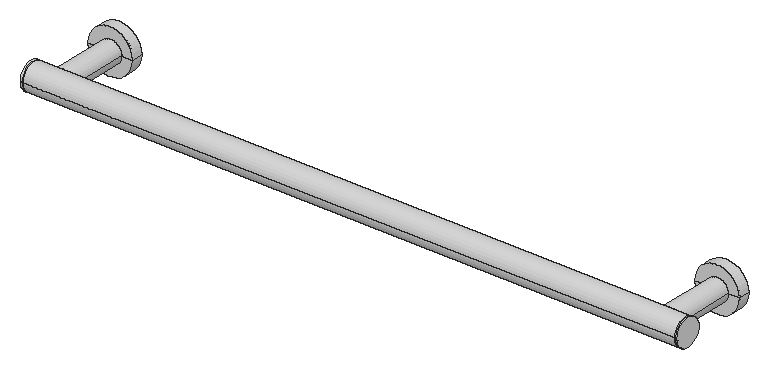
Revit family "Reece_Accessory_Mizu_Drift_Single Towel Rail", category Plumbing Fixtures, Revit 2018
Family settings
  Round Connector Dimension = Use Diameter
  Part Type = Normal
  Work Plane-Based = Yes
  Always vertical = Yes
  Cut with Voids When Loaded = Yes
  Shared = Yes
  Room Calculation Point = Yes
Parameters (values of type "590 x 83 mm_Chrome")
  URL = "https://www.reece.com.au/product/-2202016"
  Type Comments = "Accessory"
  Reece_Product_Web Page = "https://www.reece.com.au/product/-2202016"
  Reece_Product_Type = "Accessory"  # constant formula
  Reece_Product_Sub Brand = "Drift"  # constant formula
  Reece_Product_Number = "2202016"
  Reece_Product_Mount = "Wall"  # constant formula
  Reece_Product_Description = "Mizu Drift Single Towel Rail 600mm Chrome"
  Reece_Product_Brand = "Mizu"  # constant formula
  Reece_Overall_Width = 590 mm
  Reece_Overall_Height = 40 mm  # constant formula
  Reece_Material_Main = Reece_Brass_Chrome
  Reece_Height_From_Level [instance] = 640 mm
  Reece_Fixing_Point_Width = 545 mm
  Reece_Detail_Shape = ""
  Reece_Detail_Installation = "Wall Mounted"  # constant formula
  Reece_Detail_Disclaimer = "THIS FILE IS THE PROPERTY OF THE REECE GROUP. IT MAY NOT BE REPRODUCED, REVERSE-ENGINEERED, OR MODIFIED. ANY REPUBLICATION, TRANSMISSION, OR DISTRIBUTION FOR THE PURPOSE OF COMMERCIALLY EXPLOITING THE FILES IS PROHIBITED."  # constant formula
  Reece_Detail_Connector = ""
  Reece_Detail_Additional = ""
  Reece_Accessory_Projection = 83 mm
  Model = "Drift"
  Manufacturer = "Mizu"
  Keynote = "Product #2202016, Reece_Accessory_Mizu_Drift_Single Towel Rail - 590 x 83 mm_Chrome"
  Disclaimer = "THIS FILE IS THE PROPERTY OF THE REECE GROUP. IT MAY NOT BE REPRODUCED, REVERSE-ENGINEERED, OR MODIFIED. ANY REPUBLICATION, TRANSMISSION, OR DISTRIBUTION FOR THE PURPOSE OF COMMERCIALLY EXPLOITING THE FILES IS PROHIBITED."  # constant formula
  Description = "Mizu Drift Single Towel Rail 600mm Chrome"
  Default Elevation = 0 mm
Types (25, lengths in mm): name | URL | Reece_Product_Web Page | Reece_Product_Number | Reece_Product_Description | Reece_Overall_Width | Reece_Material_Main | Reece_Height_From_Level | Reece_Fixing_Point_Width | Reece_Accessory_Projection | Keynote | Description
  450 x 85 mm_Chrome | "https://www.reece.com.au/product/-2202015" | "https://www.reece.com.au/product/-2202015" | "2202015" | "Mizu Drift Single Towel Rail 450mm Chrome" | 450 | Reece_Brass_Chrome | 640 | 405 | 85 | "Product #2202015, Reece_Accessory_Mizu_Drift_Single Towel Rail - 450 x 85 mm_Chrome" | "Mizu Drift Single Towel Rail 450mm Chrome"
  305 x 83 mm_Chrome | "https://www.reece.com.au/product/-9501322" | "https://www.reece.com.au/product/-9501322" | "9501322" | "Mizu Drift Single Towel Rail 300mm Chrome" | 305 | Reece_Brass_Chrome | 640 | 260 | 83 | "Product #9501322, Reece_Accessory_Mizu_Drift_Single Towel Rail - 305 x 83 mm_Chrome" | "Mizu Drift Single Towel Rail 300mm Chrome"
  900 x 83 mm_Brushed Bronze | "https://www.reece.com.au/product/-2269446" | "https://www.reece.com.au/product/-2269446" | "2269446" | "Mizu Drift Single Towel Rail 900mm Brushed Bronze" | 900 | Reece_Brass_Brushed Bronze | 640 | 860 | 83 | "Product #2269446, Reece_Accessory_Mizu_Drift_Single Towel Rail - 900 x 83 mm_Brushed Bronze" | "Mizu Drift Single Towel Rail 900mm Brushed Bronze"
  305 x 83 mm_Brushed Bronze | "https://www.reece.com.au/product/-2269443" | "https://www.reece.com.au/product/-2269443" | "2269443" | "Mizu Drift Single Towel Rail 300mm Brushed Bronze" | 305 | Reece_Brass_Brushed Bronze | 640 | 260 | 83 | "Product #2269443, Reece_Accessory_Mizu_Drift_Single Towel Rail - 305 x 83 mm_Brushed Bronze" | "Mizu Drift Single Towel Rail 300mm Brushed Bronze"
  700 x 83 mm_Brushed Bronze | "https://www.reece.com.au/product/-2269445" | "https://www.reece.com.au/product/-2269445" | "2269445" | "Mizu Drift Single Towel Rail 700mm Brushed Bronze" | 700 | Reece_Brass_Brushed Bronze | 640 | 655 | 83 | "Product #2269445, Reece_Accessory_Mizu_Drift_Single Towel Rail - 700 x 83 mm_Brushed Bronze" | "Mizu Drift Single Towel Rail 700mm Brushed Bronze"
  590 x 83 mm_Brushed Bronze | "https://www.reece.com.au/product/-2269444" | "https://www.reece.com.au/product/-2269444" | "2269444" | "Mizu Drift Single Towel Rail 600mm Brushed Bronze" | 590 | Reece_Brass_Brushed Bronze | 640 | 545 | 83 | "Product #2269444, Reece_Accessory_Mizu_Drift_Single Towel Rail - 590 x 83 mm_Brushed Bronze" | "Mizu Drift Single Towel Rail 600mm Brushed Bronze"
  900 x 83 mm_Matte Black | "https://www.reece.com.au/product/-9512550" | "https://www.reece.com.au/product/-9512550" | "9512550" | "Mizu Drift Single Towel Rail 900mm Matte Black" | 900 | Reece_Brass_Matte Black | 640 | 860 | 83 | "Product #9512550, Reece_Accessory_Mizu_Drift_Single Towel Rail - 900 x 83 mm_Matte Black" | "Mizu Drift Single Towel Rail 900mm Matte Black"
  900 x 83 mm_Brushed Nickel | "https://www.reece.com.au/product/-9512551" | "https://www.reece.com.au/product/-9512551" | "9512551" | "Mizu Drift Single Towel Rail 900mm Brushed Nickel" | 900 | Reece_Brass_Brushed Nickel | 640 | 860 | 83 | "Product #9512551, Reece_Accessory_Mizu_Drift_Single Towel Rail - 900 x 83 mm_Brushed Nickel" | "Mizu Drift Single Towel Rail 900mm Brushed Nickel"
  900 x 83 mm_Brushed Gunmetal | "https://www.reece.com.au/product/-9512552" | "https://www.reece.com.au/product/-9512552" | "9512552" | "Mizu Drift Single Towel Rail 900mm Brushed Gunmetal" | 900 | Reece_Brass_Brushed Gunmetal | 640 | 860 | 83 | "Product #9512552, Reece_Accessory_Mizu_Drift_Single Towel Rail - 900 x 83 mm_Brushed Gunmetal" | "Mizu Drift Single Towel Rail 900mm Brushed Gunmetal"
  900 x 83 mm_Brushed Brass | "https://www.reece.com.au/product/-9512553" | "https://www.reece.com.au/product/-9512553" | "9512553" | "Mizu Drift Single Towel Rail 900mm Brushed Brass" | 900 | Reece_Brass_Brushed | 640 | 860 | 83 | "Product #9512553, Reece_Accessory_Mizu_Drift_Single Towel Rail - 900 x 83 mm_Brushed Brass" | "Mizu Drift Single Towel Rail 900mm Brushed Brass"
  590 x 83 mm_Brushed Nickel | "https://www.reece.com.au/product/-9512560" | "https://www.reece.com.au/product/-9512560" | "9512560" | "Mizu Drift Single Towel Rail 600mm Brushed Nickel" | 590 | Reece_Brass_Brushed Nickel | 640 | 545 | 83 | "Product #9512560, Reece_Accessory_Mizu_Drift_Single Towel Rail - 590 x 83 mm_Brushed Nickel" | "Mizu Drift Single Towel Rail 600mm Brushed Nickel"
  590 x 83 mm_Brushed Gunmetal | "https://www.reece.com.au/product/-9512561" | "https://www.reece.com.au/product/-9512561" | "9512561" | "Mizu Drift Single Towel Rail 600mm Brushed Gunmetal" | 590 | Reece_Brass_Brushed Gunmetal | 640 | 545 | 83 | "Product #9512561, Reece_Accessory_Mizu_Drift_Single Towel Rail - 590 x 83 mm_Brushed Gunmetal" | "Mizu Drift Single Towel Rail 600mm Brushed Gunmetal"
  590 x 83 mm_Brushed Brass | "https://www.reece.com.au/product/-9512562" | "https://www.reece.com.au/product/-9512562" | "9512562" | "Mizu Drift Single Towel Rail 600mm Brushed Brass" | 590 | Reece_Brass_Brushed | 640 | 545 | 83 | "Product #9512562, Reece_Accessory_Mizu_Drift_Single Towel Rail - 590 x 83 mm_Brushed Brass" | "Mizu Drift Single Towel Rail 600mm Brushed Brass"
  900 x 83 mm_Chrome | "https://www.reece.com.au/product/-9502115" | "https://www.reece.com.au/product/-9502115" | "9502115" | "Mizu Drift Single Towel Rail 900mm Chrome" | 900 | Reece_Brass_Chrome | 640 | 860 | 83 | "Product #9502115, Reece_Accessory_Mizu_Drift_Single Towel Rail - 900 x 83 mm_Chrome" | "Mizu Drift Single Towel Rail 900mm Chrome"
  590 x 83 mm_Matte Black | "https://www.reece.com.au/product/-9506773" | "https://www.reece.com.au/product/-9506773" | "9506773" | "Mizu Drift Single Towel Rail 600mm Matte Black" | 590 | Reece_Brass_Matte Black | 640 | 545 | 83 | "Product #9506773, Reece_Accessory_Mizu_Drift_Single Towel Rail - 590 x 83 mm_Matte Black" | "Mizu Drift Single Towel Rail 600mm Matte Black"
  590 x 83 mm_Chrome | "https://www.reece.com.au/product/-2202016" | "https://www.reece.com.au/product/-2202016" | "2202016" | "Mizu Drift Single Towel Rail 600mm Chrome" | 590 | Reece_Brass_Chrome | 640 | 545 | 83 | "Product #2202016, Reece_Accessory_Mizu_Drift_Single Towel Rail - 590 x 83 mm_Chrome" | "Mizu Drift Single Towel Rail 600mm Chrome"
  700 x 83 mm_Brushed Brass | "https://www.reece.com.au/product/-9512442" | "https://www.reece.com.au/product/-9512442" | "9512442" | "Mizu Drift Single Towel Rail 700mm Brushed Brass" | 700 | Reece_Brass_Brushed | 640 | 655 | 83 | "Product #9512442, Reece_Accessory_Mizu_Drift_Single Towel Rail - 700 x 83 mm_Brushed Brass" | "Mizu Drift Single Towel Rail 700mm Brushed Brass"
  305 x 83 mm_Brushed Brass | "https://www.reece.com.au/product/-9512441" | "https://www.reece.com.au/product/-9512441" | "9512441" | "Mizu Drift Single Towel Rail 300mm Brushed Brass" | 305 | Reece_Brass_Brushed | 600 | 260 | 83 | "Product #9512441, Reece_Accessory_Mizu_Drift_Single Towel Rail - 305 x 83 mm_Brushed Brass" | "Mizu Drift Single Towel Rail 300mm Brushed Brass"
  305 x 83 mm_Brushed Gunmetal | "https://www.reece.com.au/product/-2217448" | "https://www.reece.com.au/product/-2217448" | "2217448" | "Mizu Drift Single Towel Rail 300mm Brushed Gunmetal" | 305 | Reece_Brass_Brushed Gunmetal | 640 | 260 | 83 | "Product #2217448, Reece_Accessory_Mizu_Drift_Single Towel Rail - 305 x 83 mm_Brushed Gunmetal" | "Mizu Drift Single Towel Rail 300mm Brushed Gunmetal"
  700 x 83 mm_Brushed Gunmetal | "https://www.reece.com.au/product/-2217444" | "https://www.reece.com.au/product/-2217444" | "2217444" | "Mizu Drift Single Towel Rail 700mm Brushed Gunmetal" | 700 | Reece_Brass_Brushed Gunmetal | 640 | 655 | 83 | "Product #2217444, Reece_Accessory_Mizu_Drift_Single Towel Rail - 700 x 83 mm_Brushed Gunmetal" | "Mizu Drift Single Towel Rail 700mm Brushed Gunmetal"
  700 x 83 mm_Matte Black | "https://www.reece.com.au/product/-9506775" | "https://www.reece.com.au/product/-9506775" | "9506775" | "Mizu Drift Single Towel Rail 700mm Matte Black" | 700 | Reece_Brass_Matte Black | 640 | 655 | 83 | "Product #9506775, Reece_Accessory_Mizu_Drift_Single Towel Rail - 700 x 83 mm_Matte Black" | "Mizu Drift Single Towel Rail 700mm Matte Black"
  700 x 83 mm_Chrome | "https://www.reece.com.au/product/-2202017" | "https://www.reece.com.au/product/-2202017" | "2202017" | "Mizu Drift Single Towel Rail 700mm Chrome" | 700 | Reece_Brass_Chrome | 640 | 655 | 83 | "Product #2202017, Reece_Accessory_Mizu_Drift_Single Towel Rail - 700 x 83 mm_Chrome" | "Mizu Drift Single Towel Rail 700mm Chrome"
  700 x 83 mm_Brushed Nickel | "https://www.reece.com.au/product/-9508229" | "https://www.reece.com.au/product/-9508229" | "9508229" | "Mizu Drift Single Towel Rail 700mm Brushed Nickel" | 700 | Reece_Brass_Brushed Nickel | 640 | 655 | 83 | "Product #9508229, Reece_Accessory_Mizu_Drift_Single Towel Rail - 700 x 83 mm_Brushed Nickel" | "Mizu Drift Single Towel Rail 700mm Brushed Nickel"
  305 x 83 mm_Matte Black | "https://www.reece.com.au/product/-2263992" | "https://www.reece.com.au/product/-2263992" | "2263992" | "Mizu Drift Single Towel Rail 300mm Matte Black" | 305 | Reece_Brass_Matte Black | 640 | 260 | 83 | "Product #2263992, Reece_Accessory_Mizu_Drift_Single Towel Rail - 305 x 83 mm_Matte Black" | "Mizu Drift Single Towel Rail 300mm Matte Black"
  305 x 83 mm_Brushed Nickel | "https://www.reece.com.au/product/-2263993" | "https://www.reece.com.au/product/-2263993" | "2263993" | "Mizu Drift Single Towel Rail 300mm Brushed Nickel" | 305 | Reece_Brass_Brushed Nickel | 640 | 260 | 83 | "Product #2263993, Reece_Accessory_Mizu_Drift_Single Towel Rail - 305 x 83 mm_Brushed Nickel" | "Mizu Drift Single Towel Rail 300mm Brushed Nickel"
Reference planes
  plane 1 "Center (Front/Back)": y = 0
  plane 2 "Bottom Host Plane": z = 0
  plane 3 "Center (Left/Right)": x = 0
  plane 4: x = -272.5
  plane 5: y = -83
  plane 6: x = 272.5
  plane 7: x = -295
  plane 8: x = -293
  plane 9: x = 295
  plane 10: x = 293
  plane 11 "Height From Level": z = 640
  plane 12: z = -5
Forms (mm)
  Revolve 1, solid, material "Reece_Brass_Chrome" <- "Reece_Material_Main"
    sketch origin (0, 0, 640) x (0, 1, 0) y (-1, 0, 0)
      loop
        line (0, 272.5) -> (-71, 272.5) -> (-71, 262.5) -> (-10, 262.5) -> (-10, 252.5) -> (0, 252.5) -> (0, 272.5)
      axis (0, 272.5) -> (-71, 272.5)
    angle from 0 to 360
  Revolve 2, solid, material "Reece_Brass_Chrome" <- "Reece_Material_Main"
    sketch origin (0, 0, 640) x (0, 1, 0) y (-1, 0, 0)
      loop
        line (0, -272.5) -> (-71, -272.5) -> (-71, -282.5) -> (-10, -282.5) -> (-10, -292.5) -> (0, -292.5) -> (0, -272.5)
      axis (0, -272.5) -> (-71, -272.5)
    angle from 0 to 360
  Extrusion 3, solid, material "Reece_Brass_Chrome" <- "Reece_Material_Main"
    sketch origin (0, 37, 0) x (0, 1, 0) y (0, 0, 1)
      loop
        circle (-108, 640) r 12
    from -293 to 293
  Extrusion 4, solid, material "Reece_Brass_Chrome" <- "Reece_Material_Main"
    sketch origin (245, 37, 0) x (0, 1, 0) y (0, 0, 1)
      loop
        circle (-108, 640) r 12
    from 48 to 50
  Extrusion 5, solid, material "Reece_Brass_Chrome" <- "Reece_Material_Main"
    sketch origin (-245, 37, 0) x (0, 1, 0) y (0, 0, -1)
      loop
        circle (-108, -640) r 12
    from 48 to 50
Cuts and joins
  joined: Revolve 1, Revolve 2, Extrusion 3
Lines and regions (mm)
  model lines, style "InvisibleLines"
    curve 1: line (0, 0, -5) -> (0, 0, 640)
Text (mm)
  text "Reece ©" at (2731.716, -2545.679, 2739.417), in view "Reece Preview"
  text "Reece ©" at (583.919, -522.681, -1020.679), in view "Ref. Level"
Dimensions and locks
  "Reece_Accessory_Projection": plane 5 to plane 1 "Center (Front/Back)"
  equal spacing: plane 4, plane 3 "Center (Left/Right)", plane 6
  "Reece_Overall_Width": plane 7 to plane 9
  locked: plane 7 to plane 8 at 2
  locked: plane 10 to plane 9 at 2
  "Reece_Fixing_Point_Width": plane 4 to plane 6
  plane 6 to Revolve 2 sketch curve = 20 mm
  Revolve 2 sketch curve to Revolve 2 sketch curve = 10 mm
  equal spacing: plane 7, plane 3 "Center (Left/Right)", plane 9
  locked: plane 11 "Height From Level" to Extrusion 5 sketch curve at 0
  locked: plane 11 "Height From Level" to Extrusion 3 sketch curve at 0
  locked: plane 11 "Height From Level" to Extrusion 4 sketch curve at 0
  locked: plane 12 to level at 5
  "Reece_Height_From_Level": plane 11 "Height From Level" to level
  locked: plane 5 to Revolve 1 sketch curve at 12
  locked: Extrusion 5 sketch curve to plane 5 at 12
  locked: Extrusion 3 sketch curve to plane 5 at 12
  locked: Extrusion 4 sketch curve to plane 5 at 12
  aligned and locked: Revolve 1 sketch curve to plane 4
  aligned and locked: plane 1 "Center (Front/Back)" to Revolve 1 sketch curve
  aligned and locked: Extrusion 4 to plane 9
  aligned and locked: Extrusion 4 to Extrusion 3
  aligned and locked: Extrusion 3 to plane 10
  aligned and locked: Extrusion 5 to plane 7
  aligned and locked: plane 8 to Extrusion 5
  aligned and locked: Extrusion 3 to plane 8
  aligned and locked: plane 1 "Center (Front/Back)" to curve 1
  aligned and locked: plane 11 "Height From Level" to curve 1
  aligned and locked: plane 12 to curve 1
Automatic sketch dimensions
  Revolve 1 sketch curve to plane 4 = 0 mm
  plane 1 "Center (Front/Back)" to Revolve 1 sketch curve = 0 mm
  plane 1 "Center (Front/Back)" to Revolve 1 sketch curve = 10 mm
  plane 4 to Revolve 1 sketch curve = 10 mm
  Revolve 1 sketch curve to Revolve 1 sketch curve = 10 mm
  plane 5 to Revolve 1 sketch curve = 53 mm
  Revolve 2 sketch curve to plane 6 = 0 mm  (x2)
  plane 1 "Center (Front/Back)" to Revolve 2 sketch curve = 0 mm  (x2)
  plane 1 "Center (Front/Back)" to Revolve 2 sketch curve = 10 mm
  Revolve 2 sketch curve to plane 5 = 12 mm
  plane 5 to Revolve 2 sketch curve = 50 mm
  radius of Extrusion 3 sketch curve = 12 mm
  radius of Extrusion 4 sketch curve = 12 mm
  radius of Extrusion 5 sketch curve = 12 mm
